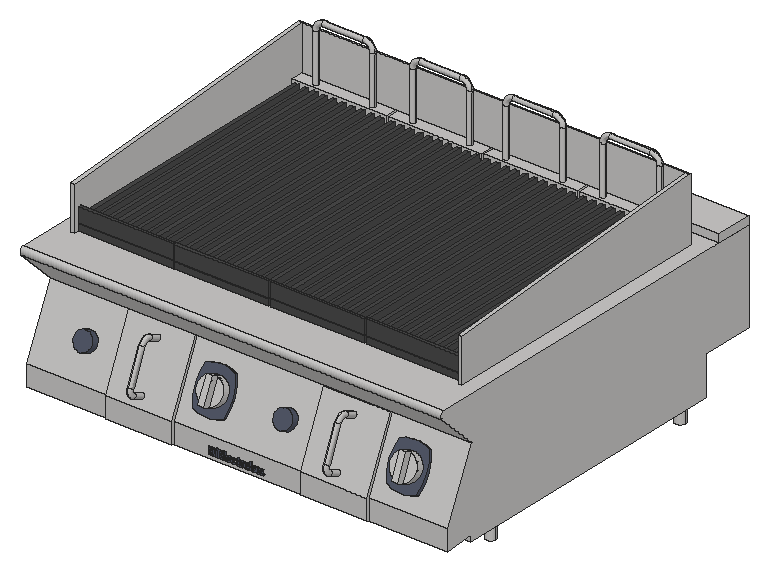
Revit family "QF_ELECTROLUXPROFESSIONAL_371043_E7GRGHGC0P", category Specialty Equipment, Revit 2018 (continued)
Automatic sketch dimensions
  Split face 3 sketch curve to Split face 3 sketch curve = 5.035 mm
  Split face 3 sketch curve to Split face 3 sketch curve = 10.085 mm
  Split face 3 sketch curve to Split face 3 sketch curve = 5.244 mm
  Split face 4 sketch curve to Split face 4 sketch curve = 9.635 mm
  Split face 4 sketch curve to Split face 4 sketch curve = 17.821 mm
  Split face 4 sketch curve to Split face 4 sketch curve = 4.557 mm
  Split face 4 sketch curve to Split face 4 sketch curve = 14.42 mm
  Split face 4 sketch curve to Split face 4 sketch curve = 22.055 mm
  Split face 4 sketch curve to Split face 4 sketch curve = 3.318 mm
  plane 6 "TOP" to Sweep 29 sketch curve = 22.768 mm  (x2)
  plane 13 to Sweep 29 sketch curve = 20.32 mm  (x2)
  plane 13 to Sweep 29 sketch curve = 5.08 mm
  plane 7 "Center Y" to Sweep 29 sketch curve = 142.614 mm
  plane 7 "Center Y" to Sweep 29 sketch curve = 49.931 mm
  Sweep 29 sketch curve to profile plane = 0 mm
  profile plane to Sweep 29 sketch curve = 0 mm
  plane 3 "LEFT" to curve 62 = 36.625 mm
  plane 11 to curve 62 = 34.08 mm
  curve 62 to curve 62 = 180.112 mm
  plane 5 "FRONT" to curve 2 = 0 mm
  plane 5 "FRONT" to curve 38 = 0 mm
  plane 5 "FRONT" to curve 36 = 0 mm
  plane 5 "FRONT" to curve 23 = 0 mm
  plane 5 "FRONT" to curve 21 = 0 mm
  plane 4 "RIGHT" to curve 2 = 150.019 mm
  curve 47 to plane 4 "RIGHT" = 36.625 mm
  curve 64 to curve 47 = 0 mm
  curve 51 to plane 12 = 33.438 mm
  curve 51 to plane 4 "RIGHT" = 72.974 mm
  curve 38 to plane 4 "RIGHT" = 151.15 mm
  curve 52 to plane 12 = 24.294 mm
  curve 52 to curve 52 = 107.923 mm
  plane 11 to curve 64 = 34.08 mm
  curve 38 to curve 64 = 65.587 mm
  curve 47 to curve 64 = 0 mm
  curve 47 to curve 48 = 3.2 mm
  curve 64 to curve 65 = 3.2 mm
  curve 57 to plane 12 = 24.294 mm
  curve 52 to curve 57 = 76.54 mm
  curve 37 to curve 37 = 127 mm
  plane 7 "Center Y" to curve 55 = 34.691 mm
  plane 7 "Center Y" to curve 65 = 1.6 mm
  plane 7 "Center Y" to curve 48 = 1.6 mm
  curve 63 to plane 7 "Center Y" = 1.6 mm
  curve 49 to plane 7 "Center Y" = 1.6 mm
  curve 46 to plane 7 "Center Y" = 34.691 mm
  curve 23 to plane 7 "Center Y" = 121.9 mm
  curve 44 to plane 12 = 24.294 mm
  curve 44 to curve 44 = 107.923 mm
  plane 11 to curve 63 = 34.08 mm
  curve 23 to curve 63 = 58.212 mm
  curve 49 to curve 63 = 0 mm
  curve 49 to curve 50 = 3.2 mm
  curve 42 to plane 12 = 28.866 mm
  curve 45 to curve 42 = 76.54 mm
  curve 22 to curve 22 = 127 mm
  plane 3 "LEFT" to curve 41 = 72.974 mm
  plane 3 "LEFT" to curve 50 = 36.625 mm
  curve 1 to plane 3 "LEFT" = 150.019 mm
  curve 1 to plane 1 "BACK" = 150.019 mm
  curve 58 to curve 56 = 9.144 mm
  curve 46 to curve 46 = 9.144 mm
  curve 42 to curve 42 = 4.572 mm
  curve 65 to curve 64 = 0 mm
  curve 64 to curve 47 = 5 mm
  curve 48 to curve 47 = 0 mm
  curve 63 to curve 49 = 5 mm
  plane 11 to curve 50 = 39.08 mm
  curve 21 to curve 22 = 642.938 mm
  curve 22 to curve 36 = 0 mm
  plane 11 to Extrusion 2 sketch curve = 0 mm  (x2)
  plane 12 to Extrusion 2 sketch curve = 0 mm  (x2)
  plane 3 "LEFT" to Extrusion 2 sketch curve = 11.112 mm  (x2)
  Extrusion 2 sketch curve to plane 4 "RIGHT" = 11.113 mm  (x2)
  Extrusion 1 to Extrusion 3 sketch curve = 33.906 mm
  plane 5 "FRONT" to Extrusion 4 sketch curve = 0 mm  (x2)
  plane 1 "BACK" to Extrusion 4 sketch curve = 0 mm
  Extrusion 4 sketch curve to plane 3 "LEFT" = 0 mm
  Extrusion 4 sketch curve to plane 4 "RIGHT" = 0 mm
  Extrusion 4 sketch curve to plane 3 "LEFT" = 150.019 mm
  plane 4 "RIGHT" to Extrusion 4 sketch curve = 150.019 mm
  Extrusion 4 sketch curve to plane 1 "BACK" = 150.019 mm
  Extrusion 1 to Extrusion 5 sketch curve = 36.625 mm  (x2)
  Extrusion 1 to Extrusion 5 sketch curve = 130.285 mm  (x2)
  Extrusion 5 sketch curve to Extrusion 5 sketch curve = 0 mm  (x4)
  Extrusion 1 to Extrusion 5 sketch curve = 85.872 mm  (x2)
  Extrusion 5 sketch curve to Extrusion 5 sketch curve = 180.113 mm
  Extrusion 5 sketch curve to Extrusion 5 sketch curve = 3.2 mm  (x3)
  Extrusion 5 sketch curve to Extrusion 5 sketch curve = 178.512 mm  (x2)
  Extrusion 1 to Extrusion 6 sketch curve = 107.795 mm  (x2)
  Extrusion 1 to Extrusion 6 sketch curve = 36.625 mm  (x2)
  Extrusion 6 sketch curve to Extrusion 6 sketch curve = 0 mm  (x4)
  Extrusion 6 sketch curve to Extrusion 6 sketch curve = 22.49 mm  (x2)
  Extrusion 6 sketch curve to Extrusion 6 sketch curve = 180.112 mm
  Extrusion 6 sketch curve to Extrusion 6 sketch curve = 3.2 mm  (x3)
  Extrusion 6 sketch curve to Extrusion 6 sketch curve = 178.513 mm  (x2)
  plane 1 "BACK" to curve 61 = 0 mm
  curve 61 to plane 4 "RIGHT" = 0 mm
  curve 11 to plane 3 "LEFT" = 0 mm
  plane 5 "FRONT" to curve 3 = 0 mm
  plane 5 "FRONT" to curve 16 = 0 mm
  curve 14 to plane 4 "RIGHT" = 28.675 mm
  curve 14 to curve 15 = 6.35 mm
  curve 9 to curve 32 = 1.6 mm
  curve 4 to plane 4 "RIGHT" = 107.856 mm
  curve 33 to plane 12 = 39.843 mm
  curve 32 to curve 33 = 180.112 mm
  curve 32 to curve 31 = 3.2 mm
  plane 7 "Center Y" to curve 29 = 1.6 mm
  curve 26 to plane 7 "Center Y" = 1.6 mm
  plane 11 to curve 25 = 39.08 mm
  curve 27 to curve 25 = 178.513 mm
  curve 26 to curve 19 = 3.2 mm
  curve 19 to plane 12 = 17.353 mm
  plane 3 "LEFT" to curve 19 = 36.625 mm
  curve 17 to curve 7 = 1.6 mm
  curve 7 to curve 12 = 6.35 mm
  curve 4 to plane 3 "LEFT" = 150.019 mm
  curve 3 to plane 1 "BACK" = 150.019 mm
  curve 60 to curve 32 = 37.945 mm
  curve 11 to curve 60 = 0 mm
  curve 12 to curve 19 = 31.75 mm
  curve 9 to curve 32 = 2.91 mm
  curve 28 to curve 32 = 0 mm
  curve 27 to curve 28 = 0 mm
  curve 7 to curve 17 = 2.91 mm
  curve 30 to plane 12 = 17.353 mm
  curve 26 to curve 30 = 0 mm
  curve 34 to plane 12 = 17.353 mm
  plane 11 to curve 27 = 39.08 mm
  curve 27 to curve 29 = 0 mm
  curve 20 to curve 25 = 0 mm
  plane 11 to curve 18 = 39.08 mm
  plane 11 to curve 33 = 39.08 mm
  curve 31 to curve 33 = 0 mm
  plane 11 to curve 35 = 39.08 mm
  curve 18 to curve 8 = 7.92 mm
  curve 35 to curve 15 = 7.92 mm
  Extrusion 7 sketch curve to Extrusion 1 = 66.089 mm
  Extrusion 1 to Extrusion 7 sketch curve = 326.67 mm
  Extrusion 13 sketch curve to Extrusion 1 = 66.089 mm
  Extrusion 1 to Extrusion 13 sketch curve = 93.23 mm
  Extrusion 24 sketch curve to plane 4 "RIGHT" = 95.143 mm
  Extrusion 25 sketch curve to Extrusion 25 sketch curve = 24.732 mm
  Extrusion 25 sketch curve to Extrusion 25 sketch curve = 0 mm
  Extrusion 27 sketch curve to plane 4 "RIGHT" = 125.004 mm
  Extrusion 27 sketch curve to Extrusion 27 sketch curve = 0 mm
  Extrusion 27 sketch curve to Extrusion 27 sketch curve = 12.3 mm  (x3)
  Extrusion 27 sketch curve to Extrusion 27 sketch curve = 34.925 mm  (x2)
  Extrusion 27 sketch curve to Extrusion 27 sketch curve = 46.691 mm
  Extrusion 27 sketch curve to Extrusion 27 sketch curve = 0.617 mm
  Extrusion 27 sketch curve to Extrusion 27 sketch curve = 28.57 mm
  Extrusion 27 sketch curve to Extrusion 27 sketch curve = 29.185 mm
  plane 6 "TOP" to Sweep 28 sketch curve = 22.768 mm  (x2)
  plane 13 to Sweep 28 sketch curve = 20.32 mm  (x2)
  plane 13 to Sweep 28 sketch curve = 5.08 mm
  Sweep 28 sketch curve to plane 4 "RIGHT" = 73.124 mm
  Sweep 28 sketch curve to Sweep 28 sketch curve = 77.443 mm
  Sweep 28 sketch curve to profile plane = 0 mm
  profile plane to Sweep 28 sketch curve = 0 mm
  Extrusion 30 sketch curve to Extrusion 1 = 0 mm  (x3)
  Extrusion 1 to Extrusion 30 sketch curve = 69.85 mm
  radius of Sweep 9 sketch curve = 4.572 mm
  radius of Sweep 11 sketch curve = 4.572 mm
  radius of Sweep 12 sketch curve = 4.572 mm
  radius of Sweep 15 sketch curve = 4.572 mm
  radius of Extrusion 22 sketch curve = 25.4 mm
  radius of Extrusion 23 sketch curve to Extrusion 22 = 0 mm  (x2)
  radius of Sweep 29 sketch curve = 4.572 mm
  radius of Extrusion 2 sketch curve = 9.525 mm  (x4)
  radius of Extrusion 3 sketch curve = 6.35 mm
  radius of Extrusion 7 sketch curve = 17.8 mm
  radius of Extrusion 13 sketch curve = 17.8 mm
  radius of Extrusion 24 sketch curve = 25.4 mm
  radius of Extrusion 25 sketch curve to Extrusion 24 = 0 mm  (x2)
  radius of Sweep 28 sketch curve = 4.572 mm
Nested families
  nested 1: "371043_QF_Electrolux_GRILL" at (39.571, -130.285, 287.338), type "371043_QF_Electrolux_GRILL"
    with Type Mark "", Specification by User "", Revision Code "", Item Number "", Installed By "", Identify Quantity as Lot yes, Furnished By "", Foodservice Equipment Identifier yes
  nested 2: "371043_QF_Electrolux_GRILL" at (200.649, -130.285, 287.338), type "371043_QF_Electrolux_GRILL"
    with Type Mark "", Specification by User "", Revision Code "", Item Number "", Installed By "", Identify Quantity as Lot yes, Furnished By "", Foodservice Equipment Identifier yes
  nested 3: "371043_QF_Electrolux_GRILL" at (57.468, -130.285, 287.338), type "371043_QF_Electrolux_GRILL"
    with Type Mark "", Specification by User "", Revision Code "", Item Number "", Installed By "", Identify Quantity as Lot yes, Furnished By "", Foodservice Equipment Identifier yes
  nested 4: "371043_QF_Electrolux_GRILL" at (75.366, -130.285, 287.338), type "371043_QF_Electrolux_GRILL"
    with Type Mark "", Specification by User "", Revision Code "", Item Number "", Installed By "", Identify Quantity as Lot yes, Furnished By "", Foodservice Equipment Identifier yes
  nested 5: "371043_QF_Electrolux_GRILL" at (93.264, -130.285, 287.338), type "371043_QF_Electrolux_GRILL"
    with Type Mark "", Specification by User "", Revision Code "", Item Number "", Installed By "", Identify Quantity as Lot yes, Furnished By "", Foodservice Equipment Identifier yes
  nested 6: "371043_QF_Electrolux_GRILL" at (111.161, -130.285, 287.338), type "371043_QF_Electrolux_GRILL"
    with Type Mark "", Specification by User "", Revision Code "", Item Number "", Installed By "", Identify Quantity as Lot yes, Furnished By "", Foodservice Equipment Identifier yes
  nested 7: "371043_QF_Electrolux_GRILL" at (129.059, -130.285, 287.338), type "371043_QF_Electrolux_GRILL"
    with Type Mark "", Specification by User "", Revision Code "", Item Number "", Installed By "", Identify Quantity as Lot yes, Furnished By "", Foodservice Equipment Identifier yes
  nested 8: "371043_QF_Electrolux_GRILL" at (146.957, -130.285, 287.338), type "371043_QF_Electrolux_GRILL"
    with Type Mark "", Specification by User "", Revision Code "", Item Number "", Installed By "", Identify Quantity as Lot yes, Furnished By "", Foodservice Equipment Identifier yes
  nested 9: "371043_QF_Electrolux_GRILL" at (164.854, -130.285, 287.338), type "371043_QF_Electrolux_GRILL"
    with Type Mark "", Specification by User "", Revision Code "", Item Number "", Installed By "", Identify Quantity as Lot yes, Furnished By "", Foodservice Equipment Identifier yes
  nested 10: "371043_QF_Electrolux_GRILL" at (182.752, -130.285, 287.338), type "371043_QF_Electrolux_GRILL"
    with Type Mark "", Specification by User "", Revision Code "", Item Number "", Installed By "", Identify Quantity as Lot yes, Furnished By "", Foodservice Equipment Identifier yes
  nested 11: "371043_QF_Electrolux_GRILL" at (222.083, -130.285, 287.338), type "371043_QF_Electrolux_GRILL"
    with Type Mark "", Specification by User "", Revision Code "", Item Number "", Installed By "", Identify Quantity as Lot yes, Furnished By "", Foodservice Equipment Identifier yes
  nested 12: "371043_QF_Electrolux_GRILL" at (383.162, -130.285, 287.338), type "371043_QF_Electrolux_GRILL"
    with Type Mark "", Specification by User "", Revision Code "", Item Number "", Installed By "", Identify Quantity as Lot yes, Furnished By "", Foodservice Equipment Identifier yes
  nested 13: "371043_QF_Electrolux_GRILL" at (239.981, -130.285, 287.338), type "371043_QF_Electrolux_GRILL"
    with Type Mark "", Specification by User "", Revision Code "", Item Number "", Installed By "", Identify Quantity as Lot yes, Furnished By "", Foodservice Equipment Identifier yes
  nested 14: "371043_QF_Electrolux_GRILL" at (257.878, -130.285, 287.338), type "371043_QF_Electrolux_GRILL"
    with Type Mark "", Specification by User "", Revision Code "", Item Number "", Installed By "", Identify Quantity as Lot yes, Furnished By "", Foodservice Equipment Identifier yes
  nested 15: "371043_QF_Electrolux_GRILL" at (275.776, -130.285, 287.338), type "371043_QF_Electrolux_GRILL"
    with Type Mark "", Specification by User "", Revision Code "", Item Number "", Installed By "", Identify Quantity as Lot yes, Furnished By "", Foodservice Equipment Identifier yes
  nested 16: "371043_QF_Electrolux_GRILL" at (293.674, -130.285, 287.338), type "371043_QF_Electrolux_GRILL"
    with Type Mark "", Specification by User "", Revision Code "", Item Number "", Installed By "", Identify Quantity as Lot yes, Furnished By "", Foodservice Equipment Identifier yes
  nested 17: "371043_QF_Electrolux_GRILL" at (311.571, -130.285, 287.338), type "371043_QF_Electrolux_GRILL"
    with Type Mark "", Specification by User "", Revision Code "", Item Number "", Installed By "", Identify Quantity as Lot yes, Furnished By "", Foodservice Equipment Identifier yes
  nested 18: "371043_QF_Electrolux_GRILL" at (329.469, -130.285, 287.338), type "371043_QF_Electrolux_GRILL"
    with Type Mark "", Specification by User "", Revision Code "", Item Number "", Installed By "", Identify Quantity as Lot yes, Furnished By "", Foodservice Equipment Identifier yes
  nested 19: "371043_QF_Electrolux_GRILL" at (347.367, -130.285, 287.338), type "371043_QF_Electrolux_GRILL"
    with Type Mark "", Specification by User "", Revision Code "", Item Number "", Installed By "", Identify Quantity as Lot yes, Furnished By "", Foodservice Equipment Identifier yes
  nested 20: "371043_QF_Electrolux_GRILL" at (365.264, -130.285, 287.338), type "371043_QF_Electrolux_GRILL"
    with Type Mark "", Specification by User "", Revision Code "", Item Number "", Installed By "", Identify Quantity as Lot yes, Furnished By "", Foodservice Equipment Identifier yes
  nested 21: "371043_QF_Electrolux_GRILL" at (403.796, -130.285, 287.338), type "371043_QF_Electrolux_GRILL"
    with Type Mark "", Specification by User "", Revision Code "", Item Number "", Installed By "", Identify Quantity as Lot yes, Furnished By "", Foodservice Equipment Identifier yes
  nested 22: "371043_QF_Electrolux_GRILL" at (564.874, -130.285, 287.338), type "371043_QF_Electrolux_GRILL"
    with Type Mark "", Specification by User "", Revision Code "", Item Number "", Installed By "", Identify Quantity as Lot yes, Furnished By "", Foodservice Equipment Identifier yes
  nested 23: "371043_QF_Electrolux_GRILL" at (421.693, -130.285, 287.338), type "371043_QF_Electrolux_GRILL"
    with Type Mark "", Specification by User "", Revision Code "", Item Number "", Installed By "", Identify Quantity as Lot yes, Furnished By "", Foodservice Equipment Identifier yes
  nested 24: "371043_QF_Electrolux_GRILL" at (439.591, -130.285, 287.338), type "371043_QF_Electrolux_GRILL"
    with Type Mark "", Specification by User "", Revision Code "", Item Number "", Installed By "", Identify Quantity as Lot yes, Furnished By "", Foodservice Equipment Identifier yes
  nested 25: "371043_QF_Electrolux_GRILL" at (457.489, -130.285, 287.338), type "371043_QF_Electrolux_GRILL"
    with Type Mark "", Specification by User "", Revision Code "", Item Number "", Installed By "", Identify Quantity as Lot yes, Furnished By "", Foodservice Equipment Identifier yes
  nested 26: "371043_QF_Electrolux_GRILL" at (475.386, -130.285, 287.338), type "371043_QF_Electrolux_GRILL"
    with Type Mark "", Specification by User "", Revision Code "", Item Number "", Installed By "", Identify Quantity as Lot yes, Furnished By "", Foodservice Equipment Identifier yes
  nested 27: "371043_QF_Electrolux_GRILL" at (493.284, -130.285, 287.338), type "371043_QF_Electrolux_GRILL"
    with Type Mark "", Specification by User "", Revision Code "", Item Number "", Installed By "", Identify Quantity as Lot yes, Furnished By "", Foodservice Equipment Identifier yes
  nested 28: "371043_QF_Electrolux_GRILL" at (511.182, -130.285, 287.338), type "371043_QF_Electrolux_GRILL"
    with Type Mark "", Specification by User "", Revision Code "", Item Number "", Installed By "", Identify Quantity as Lot yes, Furnished By "", Foodservice Equipment Identifier yes
  nested 29: "371043_QF_Electrolux_GRILL" at (529.079, -130.285, 287.338), type "371043_QF_Electrolux_GRILL"
    with Type Mark "", Specification by User "", Revision Code "", Item Number "", Installed By "", Identify Quantity as Lot yes, Furnished By "", Foodservice Equipment Identifier yes
  nested 30: "371043_QF_Electrolux_GRILL" at (546.977, -130.285, 287.338), type "371043_QF_Electrolux_GRILL"
    with Type Mark "", Specification by User "", Revision Code "", Item Number "", Installed By "", Identify Quantity as Lot yes, Furnished By "", Foodservice Equipment Identifier yes
  nested 31: "371043_QF_Electrolux_GRILL" at (586.308, -130.285, 287.338), type "371043_QF_Electrolux_GRILL"
    with Type Mark "", Specification by User "", Revision Code "", Item Number "", Installed By "", Identify Quantity as Lot yes, Furnished By "", Foodservice Equipment Identifier yes
  nested 32: "371043_QF_Electrolux_GRILL" at (747.387, -130.285, 287.338), type "371043_QF_Electrolux_GRILL"
    with Type Mark "", Specification by User "", Revision Code "", Item Number "", Installed By "", Identify Quantity as Lot yes, Furnished By "", Foodservice Equipment Identifier yes
  nested 33: "371043_QF_Electrolux_GRILL" at (604.206, -130.285, 287.338), type "371043_QF_Electrolux_GRILL"
    with Type Mark "", Specification by User "", Revision Code "", Item Number "", Installed By "", Identify Quantity as Lot yes, Furnished By "", Foodservice Equipment Identifier yes
  nested 34: "371043_QF_Electrolux_GRILL" at (622.103, -130.285, 287.338), type "371043_QF_Electrolux_GRILL"
    with Type Mark "", Specification by User "", Revision Code "", Item Number "", Installed By "", Identify Quantity as Lot yes, Furnished By "", Foodservice Equipment Identifier yes
  nested 35: "371043_QF_Electrolux_GRILL" at (640.001, -130.285, 287.338), type "371043_QF_Electrolux_GRILL"
    with Type Mark "", Specification by User "", Revision Code "", Item Number "", Installed By "", Identify Quantity as Lot yes, Furnished By "", Foodservice Equipment Identifier yes
  nested 36: "371043_QF_Electrolux_GRILL" at (657.899, -130.285, 287.338), type "371043_QF_Electrolux_GRILL"
    with Type Mark "", Specification by User "", Revision Code "", Item Number "", Installed By "", Identify Quantity as Lot yes, Furnished By "", Foodservice Equipment Identifier yes
  nested 37: "371043_QF_Electrolux_GRILL" at (675.796, -130.285, 287.338), type "371043_QF_Electrolux_GRILL"
    with Type Mark "", Specification by User "", Revision Code "", Item Number "", Installed By "", Identify Quantity as Lot yes, Furnished By "", Foodservice Equipment Identifier yes
  nested 38: "371043_QF_Electrolux_GRILL" at (693.694, -130.285, 287.338), type "371043_QF_Electrolux_GRILL"
    with Type Mark "", Specification by User "", Revision Code "", Item Number "", Installed By "", Identify Quantity as Lot yes, Furnished By "", Foodservice Equipment Identifier yes
  nested 39: "371043_QF_Electrolux_GRILL" at (711.592, -130.285, 287.338), type "371043_QF_Electrolux_GRILL"
    with Type Mark "", Specification by User "", Revision Code "", Item Number "", Installed By "", Identify Quantity as Lot yes, Furnished By "", Foodservice Equipment Identifier yes
  nested 40: "371043_QF_Electrolux_GRILL" at (729.489, -130.285, 287.338), type "371043_QF_Electrolux_GRILL"
    with Type Mark "", Specification by User "", Revision Code "", Item Number "", Installed By "", Identify Quantity as Lot yes, Furnished By "", Foodservice Equipment Identifier yes
Connectors
  piping at (747.712, -98.425, 57.718), diameter 12.7
    settings: on Extrusion 3, index 2, connector inside diameter 1/2", connector length 0 mm, flow factor 0, pipe flow 0 GPM, pressure drop 0.00 psi, fitting loss kfactor 0, connector angle 0.00°, fixture units 0, engagement length 0 mm, angle of deflection 0.00°, flow configuration 1, flow direction 1, fitting loss method 0, system type 7, joint type 0, gender type 0, connector reference index -1, connector utility 0, adjustable connector no, is connector primary yes, connector description "Gas Connection"
Definition of nested family "371043_QF_Electrolux_GRILL"
  Parameters
    Weight in Pounds = 0
    URL Cutsheet = ""
    URL = ""
    Type Mark [instance] = ""
    Specification by User [instance] = ""
    Specification by Manufacturer = ""
    Serial Number = ""
    Seismic Rating = ""
    SMACNA No = ""
    Revision Code [instance] = ""
    Omniclass Number and Title = ""
    NAFEM Spec ID Number = ""
    Model = ""
    Masterspec = ""
    Manufacturer = ""
    Item Number [instance] = ""
    Installed By [instance] = ""
    Identify Quantity as Lot [instance] = yes
    Furnished By [instance] = ""
    Foodservice Equipment Identifier [instance] = yes
    Description = ""
    CSI MasterFormat = ""
    CSI Master Format = ""
    Assembly Code = ""
  Reference planes
    plane 1 "BACK": y = 0
    plane 2: z = 0
    plane 3 "LEFT": x = 0
    plane 4 "RIGHT": x = 12.7
    plane 5 "FRONT": y = -501.68
    plane 6 "TOP": z = 19.576
    plane 7 "Center Y": x = 6.35
    plane 8 "Center X": y = -250.84
    plane 9: y = -147.637
  Forms (mm)
    Extrusion 1, solid
      sketch origin (-1.421, -501.68, -12.7) x (1, 0, 0) y (0, 0, 1)
        loop
          line (1.421, 12.7) -> (14.121, 12.7) -> (11.081, 32.276) -> (4.46, 32.276) -> (1.421, 12.7)
      from 0 to -501.68
  Lines and regions (mm)
    symbolic lines
      curve 1: line (0, 0, 0) -> (12.7, 0, 0)
      curve 2: line (0, -501.68, 0) -> (0, 0, 0)
      curve 3: line (12.7, -501.68, 0) -> (0, -501.68, 0)
      curve 4: line (12.7, 0, 0) -> (12.7, -501.68, 0)
  Dimensions and locks
    equal spacing: plane 3 "LEFT", plane 7 "Center Y", plane 4 "RIGHT"
    plane 3 "LEFT" to plane 4 "RIGHT" = 12.7 mm
    equal spacing: plane 5 "FRONT", plane 8 "Center X", plane 1 "BACK"
    plane 5 "FRONT" to plane 1 "BACK" = 501.68 mm
    plane 6 "TOP" to level = 19.576 mm
    plane 1 "BACK" to plane 5 "FRONT" = 501.68 mm
    aligned and locked: level to plane 2
  Automatic sketch dimensions
    Extrusion 1 sketch curve to level = 0 mm
    Extrusion 1 sketch curve to plane 3 "LEFT" = 0 mm
    Extrusion 1 sketch curve to plane 6 "TOP" = 0 mm
    Extrusion 1 sketch curve to plane 4 "RIGHT" = 0 mm
    plane 3 "LEFT" to Extrusion 1 sketch curve = 3.039 mm
    Extrusion 1 sketch curve to plane 4 "RIGHT" = 3.039 mm
    curve 3 to plane 3 "LEFT" = 0 mm
    curve 3 to plane 4 "RIGHT" = 0 mm
    plane 5 "FRONT" to curve 3 = 0 mm
    plane 1 "BACK" to curve 2 = 0 mm
